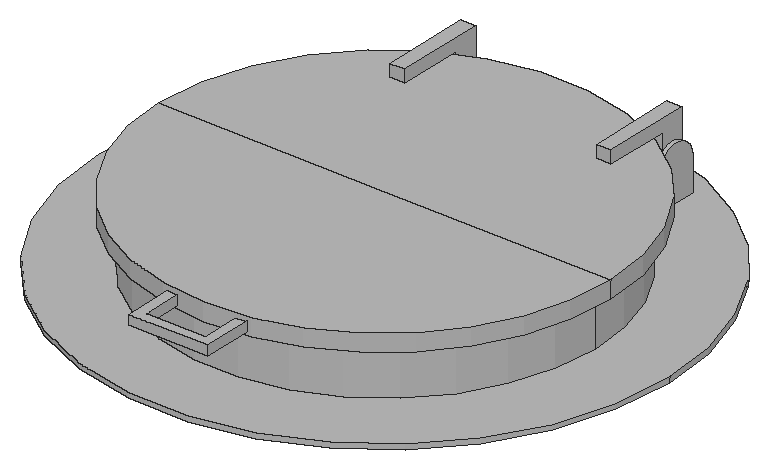
Revit family "Door_Hatch_Watertight_WalzKrenzer_WTH-R-Round", category Generic Models, host Face, Revit 2026
Family settings
  Host = Face
  Can host rebar = No
  Round Connector Dimension = Use Diameter
  Part Type = Normal
  Classification Number = 23.30.10.21.37.17
  Cut with Voids When Loaded = No
  Maintain Annotation Orientation = No
  Shared = No
  Room Calculation Point = No
Parameters (values of type "Power Operated Both Sides")
  Warranty Duration (Years) = 0
  Unit Width [instance] = if(1 = 1, Clear Opening Width + 0' 8", 0' 0")  # 2' - 5"
  URL = "http://www.floodbarriers.com/"
  Test Data = "http://www.floodbarriers.com/about-us/qa-testing"
  Specification = "http://www.arcat.com/sdspecs/htm04/08_39_19wkd.htm"
  SpecWizard = ""
  Send Message = ""
  Sales Information = "http://www.floodbarriers.com/contact-us"
  Revision = "R1_2015-06"
  Projection from Host [instance] = 0' - 3"
  Product Properties = ""
  Product Data = "http://www.arcat.com/arcatcos/cos36/arc36439.html"
  Operating Pressure = 0
  Opening Width [instance] = if(1 = 1, Clear Opening Width + 0' 3", 0' 0")  # 2' - 0"
  Opening Depth [instance] = 0' - 6.47506"
  Model = "WTH-R"
  Manufacturer Website = "http://www.floodbarriers.com/"
  Manufacturer Phone - Toll Free = ""
  Manufacturer Phone = "203-267-5712"
  Manufacturer Fax = "203-267-5716"
  Manufacturer Address = "91 Willenbrock Rd.  Unit B4  Oxford, CT 06478"
  Manufacturer = "Walz & Krenzer, Inc."
  Maintenance Schedule (Months) = 0
  Keynote = "08392"
  Installation-Fabrication = ""
  Installation Phase = ""
  Include Grab Handle [instance] = yes
  Green Building-LEED = ""
  Gasket Material [instance] = Plastic - Rubber - EPDM Black
  Frame Finish [instance] = Metal - Aluminum - WalzKrenzer - Finish as Specified
  Expected Lifespan (Years) = 0
  Drawn By = "Sumex Design, Inc. / Robert S. Weygant, CSI, CDT, SCIP"
  Direction of Force [instance] = "[Seating - Push Closed][Unseating - Push Open]"
  Description = "Walz and Krenzer Raised Electric Hinged Flood Hatch - WTH-R as Specified"
  Default Elevation = 0' - 0"
  Copyright = "©Arcat Inc."
  Construction Details = ""
  Clear Opening Width [instance] = 1' - 9"
  Building Codes = ""
  Assembly Code = "E1090900"
Types (6): name | Description
  Power Operated Both Sides | "Walz and Krenzer Raised Electric Hinged Flood Hatch - WTH-R as Specified"
  Power Operated Bottom | "Walz and Krenzer Raised Electric Hinged Flood Hatch - WTH-R as Specified"
  Power Operated Top | "Walz and Krenzer Raised Electric Hinged Flood Hatch - WTH-R as Specified"
  Manually Operable Both Sides | "Walz and Krenzer Raised Manual Hinged Flood Hatch - WTH-R as Specified"
  Manually Operable Bottom | "Walz and Krenzer Raised Manual Hinged Flood Hatch - WTH-R as Specified"
  Manually Operable Top | "Walz and Krenzer Raised Manual Hinged Flood Hatch - WTH-R as Specified"
Reference planes (in)
  plane 1 "Center (Front/Back)": y = 0
  plane 2: z = 0
  plane 3 "Center (Left/Right)": x = 0
  plane 4: x = -14.5
  plane 5: x = 14.5
  plane 6: x = -10.5
  plane 7: x = 10.5
  plane 8: x = -12
  plane 9: x = 12
  plane 10: z = -6.47506
  plane 11: z = 3
  plane 12: y = -10.5
  plane 13: y = 10.5
  plane 14: x = -5.25
  plane 15: x = 5.25
Forms (in)
  Extrusion 1, void
    sketch origin (0, 0, 0) x (1, 0, 0) y (0, 1, 0)
      loop
        circle (0, 0) r 12
    from 0 to -6.47506
  Sweep 2, solid, material "Metal - Aluminum - WalzKrenzer - Finish as Specified" <- "Frame Finish"
    path origin (0, 0, 0) x (1, 0, 0) y (0, 1, 0)
      loop
        circle (0, 0) r 14.5
    profile origin (0, 14.5, 0) x (0, 1, 0) y (0, 0, 1)
      loop
        line (0, 0) -> (0, 0.25) -> (-3.75, 0.25) -> (-3.75, 3) -> (-4, 3) -> (-4, 0) -> (0, 0)
  Revolve 3, solid, material "Metal - Aluminum - WalzKrenzer - Finish as Specified" <- "Frame Finish"
    sketch origin (0, 0, 0) x (1, 0, 0) y (0, 0, 1)
      loop
        line (10, 3) -> (11.25, 3) -> (11.25, 2.75) -> (11.5, 2.75) -> (11.5, 3.625) -> (0, 3.625) -> (0, 1.375) -> (10, 1.375) -> (10, 3)
      axis (0, 3.625) -> (0, 1.375)
    angle from 0 to 360
  Extrusion 4, solid, material "Metal - Aluminum - WalzKrenzer - Finish as Specified" <- "Frame Finish", visible <- "Include Grab Handle"
    sketch origin (11, -180, 3) x (0, -1, 0) y (-1, 0, 0)
      loop
        line (-166.21287, 9) -> (-166.21287, 13) -> (-169.15037, 13) -> (-169.15037, 12.5) -> (-166.71287, 12.5) -> (-166.71287, 9.5) -> (-169.15037, 9.5) -> (-169.15037, 9) -> (-166.21287, 9)
    from 0.125 to -0.375
  Extrusion 5, solid, material "Metal - Aluminum - WalzKrenzer - Finish as Specified" <- "Frame Finish"
    sketch origin (5.25, 15.65821, 48) x (0, 1, 0) y (0, 0, 1)
      loop
        line (-5.03321, -44.375) -> (-5.03321, -46.375) -> (-3.78321, -46.375) -> (-3.78321, -43.75) -> (-8.28321, -43.75) -> (-8.28321, -44.375) -> (-5.03321, -44.375)
    from -0.375 to 0.375
  Extrusion 6, solid, material "Metal - Aluminum - WalzKrenzer - Finish as Specified" <- "Frame Finish"
    sketch origin (-5.25, 15.65821, 48) x (0, 1, 0) y (0, 0, 1)
      loop
        line (-3.78321, -46.375) -> (-3.78321, -43.75) -> (-8.28321, -43.75) -> (-8.28321, -44.375) -> (-5.03321, -44.375) -> (-5.03321, -46.375) -> (-3.78321, -46.375)
    from -0.375 to 0.375
  Extrusion 7, solid, material "Metal - Aluminum - WalzKrenzer - Finish as Specified" <- "Frame Finish"
    sketch origin (5.25, 14.65821, 48) x (0, 1, 0) y (0, 0, 1)
      loop
        line (-4.42806, -47.75) -> (-2.42806, -47.75) -> (-2.42806, -46)
        arc (-2.42806, -46) -> (-3.42806, -45) -> (-4.42806, -46) r 1
        line (-4.42806, -46) -> (-4.42806, -47.75)
    from -0.625 to 0.625
  Extrusion 8, solid, material "Metal - Aluminum - WalzKrenzer - Finish as Specified" <- "Frame Finish"
    sketch origin (-5.25, 14.65821, 48) x (0, 1, 0) y (0, 0, 1)
      loop
        line (-4.42806, -47.75) -> (-2.42806, -47.75) -> (-2.42806, -46)
        arc (-2.42806, -46) -> (-3.42806, -45) -> (-4.42806, -46) r 1
        line (-4.42806, -46) -> (-4.42806, -47.75)
    from -0.625 to 0.625
Lines and regions (in)
  model lines, style "GenericModelHiddenLines"
    curve 1: line (-5.25, 0, 3.625) -> (0, 10.5, 3.625)
    curve 2: line (0, 10.5, 3.625) -> (5.25, 0, 3.625)
Dimensions and locks (in)
  equal spacing: plane 4, plane 3 "Center (Left/Right)", plane 5
  "Unit Width": plane 4 to plane 5
  equal spacing: plane 6, plane 3 "Center (Left/Right)", plane 7
  "Clear Opening Width": plane 6 to plane 7
  equal spacing: plane 8, plane 3 "Center (Left/Right)", plane 9
  "Opening Width": plane 8 to plane 9
  "Opening Depth": level to plane 10
  Revolve 3 sketch curve to Revolve 3 sketch curve to plane 7 to Revolve 3 sketch curve = 0' - 0 1/4" locked, 0' - 0 3/4" locked, 0' - 0 1/2" locked
  "Projection from Host": plane 11 to level
  Revolve 3 sketch curve to plane 11 to Revolve 3 sketch curve to Revolve 3 sketch curve = 0' - 0 5/8" locked, 0' - 0 1/4" locked, 0' - 1 3/8" locked
  equal spacing: plane 13, plane 1 "Center (Front/Back)", plane 12
  "Clear Opening Width": plane 13 to plane 12
  plane 12 to Extrusion 4 sketch curve to Extrusion 4 sketch curve to Extrusion 4 sketch curve = 0' - 0.34963" locked, 0' - 2 7/16" locked, 0' - 0 1/2" locked
  equal spacing: plane 6, plane 14, plane 3 "Center (Left/Right)"
  equal spacing: plane 3 "Center (Left/Right)", plane 15, plane 7
  plane 14 to Extrusion 4 sketch curve to Extrusion 4 sketch curve = 0' - 3 1/4" locked, 0' - 0 1/2" locked
  Extrusion 4 sketch curve to Extrusion 4 sketch curve to plane 15 = 0' - 0 1/2" locked, 0' - 3 1/4" locked
  Extrusion 5 sketch curve to plane 13 to Extrusion 5 sketch curve to Extrusion 5 sketch curve = 0' - 3 1/8" locked, 0' - 0 1/8" locked, 0' - 1 1/4" locked
  Extrusion 6 sketch curve to plane 13 to Extrusion 6 sketch curve to Extrusion 6 sketch curve = 0' - 3 1/8" locked, 0' - 0 1/8" locked, 0' - 1 1/4" locked
  aligned and locked: plane 2 to host face
  aligned and locked: level to host face
  aligned and locked: plane 8 to Extrusion 1 sketch curve
  aligned and locked: plane 9 to Extrusion 1 sketch curve
  aligned and locked: Extrusion 1 to plane 10
  aligned and locked: plane 4 to Sweep 2 sketch curve
  aligned and locked: plane 5 to Sweep 2 sketch curve
  aligned and locked: plane 11 to Sweep 2 sketch curve
  aligned and locked: plane 11 to Revolve 3 sketch curve
  aligned and locked: Extrusion 4 sketch curve to Extrusion 4 sketch curve
  aligned and locked: plane 13 to curve 2
  aligned and locked: plane 3 "Center (Left/Right)" to curve 2
  aligned and locked: plane 1 "Center (Front/Back)" to curve 2
  aligned and locked: plane 1 "Center (Front/Back)" to curve 1
  aligned and locked: plane 15 to curve 2
  aligned and locked: plane 14 to curve 1
Automatic sketch dimensions
  host sketch curve to host sketch curve = 8' - 0"  (x2)
  Extrusion 1 sketch curve to Extrusion 1 sketch curve = 0' - 0"
  plane 1 "Center (Front/Back)" to Extrusion 1 sketch curve = 0' - 0"
  Sweep 2 sketch curve to Sweep 2 sketch curve = 0' - 0"
  plane 1 "Center (Front/Back)" to Sweep 2 sketch curve = 0' - 0"
  Sweep 2 sketch curve to level = 0' - 0"
  Sweep 2 sketch curve to profile plane = 0' - 0"
  level to Sweep 2 sketch curve = 0' - 0 1/4"
  profile plane to Sweep 2 sketch curve = 0' - 3 3/4"
  Sweep 2 sketch curve to Sweep 2 sketch curve = 0' - 0 1/4"
  Revolve 3 sketch curve to plane 3 "Center (Left/Right)" = 0' - 0"  (x2)
  Revolve 3 sketch curve to level = 0' - 1 3/8"
  Revolve 3 sketch curve to Revolve 3 sketch curve = 0' - 4"
  plane 11 to Extrusion 5 sketch curve = 0' - 1 3/8"
  Extrusion 5 sketch curve to plane 11 = 0' - 0 5/8"
  Extrusion 5 sketch curve to Extrusion 5 sketch curve = 0' - 0 5/8"
  plane 11 to Extrusion 6 sketch curve = 0' - 1 3/8"
  Extrusion 6 sketch curve to plane 11 = 0' - 0 5/8"
  Extrusion 6 sketch curve to plane 11 = 0' - 1 1/4"
  Extrusion 7 sketch curve to plane 13 = 0' - 0.26985"
  Extrusion 7 sketch curve to Extrusion 7 sketch curve = 0' - 1"
  level to Extrusion 7 sketch curve = 0' - 0 1/4"
  plane 11 to Extrusion 7 sketch curve = 0' - 1"
  Extrusion 8 sketch curve to plane 13 = 0' - 0.26985"
  Extrusion 8 sketch curve to Extrusion 8 sketch curve = 0' - 1"
  level to Extrusion 8 sketch curve = 0' - 0 1/4"
  plane 11 to Extrusion 8 sketch curve = 0' - 1"
